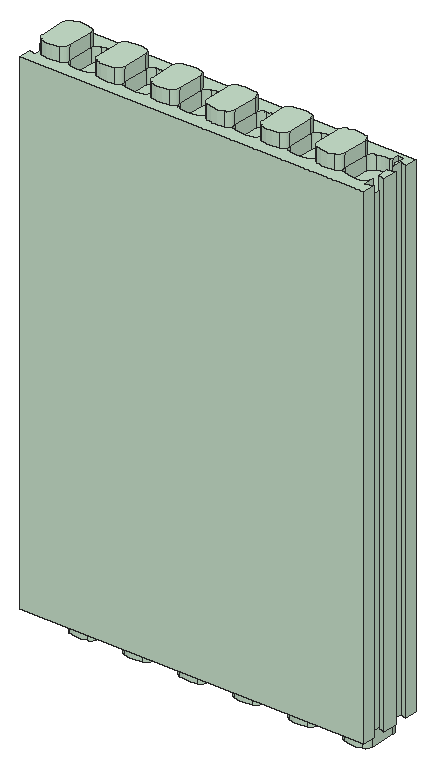
Revit family
Reference planes
  plane 1 "Center (Front/Back)": y = 0
  plane 2: z = 0
  plane 3 "Center (Left/Right)": x = 0
Forms (mm)
  Extrusion 1, solid, material "NUDURA Expanded Polystyrene Foam Insulation"
    sketch origin (0.098, 0, 0) x (1, 0, 0) y (0, 1, 0)
      loop
        line (-76.2, 0) -> (241.3, 0) -> (241.3, 11.396) -> (234.95, 9.695) -> (234.95, 25.112) -> (241.3, 23.529) -> (241.3, 36.796) -> (234.95, 35.095) -> (234.95, 50.512) -> (241.3, 48.929) -> (241.3, 60.325) -> (-76.2, 60.325) -> (-76.2, 48.929) -> (-69.85, 50.63) -> (-69.85, 35.213) -> (-76.2, 36.796) -> (-76.2, 23.529) -> (-69.85, 25.23) -> (-69.85, 9.813) -> (-76.2, 11.396) -> (-76.2, 0)
    from 0 to 457.2
  Extrusion 2, void
    sketch origin (-0.299, 0, 0) x (1, 0, 0) y (0, 1, 0)
      loop
        arc (75.825, 50.506) -> (75.283, 49.316) -> (74.029, 48.946) r 1.575
        arc (74.029, 48.946) -> (67.927, 49.113) -> (61.943, 47.903) r 26.987
        arc (61.943, 47.903) -> (58.762, 45.597) -> (57.547, 41.861) r 6.35
        line (57.547, 41.861) -> (57.547, 18.464)
        arc (57.547, 18.464) -> (58.762, 14.728) -> (61.943, 12.422) r 6.35
        arc (61.943, 12.422) -> (70.247, 11.112) -> (78.551, 12.422) r 26.987
        arc (78.551, 12.422) -> (81.732, 14.728) -> (82.947, 18.464) r 6.35
        line (82.947, 18.464) -> (82.947, 41.861)
        arc (82.947, 41.861) -> (82.6, 43.93) -> (81.599, 45.773) r 6.35
        arc (81.599, 45.773) -> (81.35, 46.23) -> (81.265, 46.743) r 1.575
        line (81.265, 46.743) -> (81.265, 56.142) -> (75.825, 56.142) -> (75.825, 50.506)
    from 457.2 to 444.5
  Extrusion 3, void
    sketch origin (50.501, 0, 0) x (1, 0, 0) y (0, 1, 0)
      loop
        arc (75.825, 50.506) -> (75.283, 49.316) -> (74.029, 48.946) r 1.575
        arc (74.029, 48.946) -> (67.927, 49.113) -> (61.943, 47.903) r 26.987
        arc (61.943, 47.903) -> (58.762, 45.597) -> (57.547, 41.861) r 6.35
        line (57.547, 41.861) -> (57.547, 18.464)
        arc (57.547, 18.464) -> (58.762, 14.728) -> (61.943, 12.422) r 6.35
        arc (61.943, 12.422) -> (70.247, 11.112) -> (78.551, 12.422) r 26.987
        arc (78.551, 12.422) -> (81.732, 14.728) -> (82.947, 18.464) r 6.35
        line (82.947, 18.464) -> (82.947, 41.861)
        arc (82.947, 41.861) -> (82.6, 43.93) -> (81.599, 45.773) r 6.35
        arc (81.599, 45.773) -> (81.35, 46.23) -> (81.265, 46.743) r 1.575
        line (81.265, 46.743) -> (81.265, 56.142) -> (75.825, 56.142) -> (75.825, 50.506)
    from 457.2 to 444.5
  Extrusion 4, void
    sketch origin (-51.099, 0, 0) x (1, 0, 0) y (0, 1, 0)
      loop
        arc (75.825, 50.506) -> (75.283, 49.316) -> (74.029, 48.946) r 1.575
        arc (74.029, 48.946) -> (67.927, 49.113) -> (61.943, 47.903) r 26.987
        arc (61.943, 47.903) -> (58.762, 45.597) -> (57.547, 41.861) r 6.35
        line (57.547, 41.861) -> (57.547, 18.464)
        arc (57.547, 18.464) -> (58.762, 14.728) -> (61.943, 12.422) r 6.35
        arc (61.943, 12.422) -> (70.247, 11.112) -> (78.551, 12.422) r 26.987
        arc (78.551, 12.422) -> (81.732, 14.728) -> (82.947, 18.464) r 6.35
        line (82.947, 18.464) -> (82.947, 41.861)
        arc (82.947, 41.861) -> (82.6, 43.93) -> (81.599, 45.773) r 6.35
        arc (81.599, 45.773) -> (81.35, 46.23) -> (81.265, 46.743) r 1.575
        line (81.265, 46.743) -> (81.265, 56.142) -> (75.825, 56.142) -> (75.825, 50.506)
    from 457.2 to 444.5
  Extrusion 5, void
    sketch origin (0.098, 0, 0) x (1, 0, 0) y (0, 1, 0)
      loop
        line (140.472, 50.506) -> (140.472, 56.142) -> (135.032, 56.142) -> (135.032, 46.743)
        arc (135.032, 46.743) -> (134.946, 46.23) -> (134.698, 45.773) r 1.575
        arc (134.698, 45.773) -> (133.696, 43.93) -> (133.35, 41.861) r 6.35
        line (133.35, 41.861) -> (133.35, 18.464)
        arc (133.35, 18.464) -> (134.565, 14.728) -> (137.746, 12.422) r 6.35
        arc (137.746, 12.422) -> (146.05, 11.112) -> (154.354, 12.422) r 26.987
        arc (154.354, 12.422) -> (157.535, 14.728) -> (158.75, 18.464) r 6.35
        line (158.75, 18.464) -> (158.75, 41.861)
        arc (158.75, 41.861) -> (157.535, 45.597) -> (154.354, 47.903) r 6.35
        arc (154.354, 47.903) -> (148.37, 49.113) -> (142.268, 48.946) r 26.987
        arc (142.268, 48.946) -> (141.014, 49.316) -> (140.472, 50.506) r 1.575
      loop
        line (89.672, 50.506) -> (89.672, 56.142) -> (84.232, 56.142) -> (84.232, 46.743)
        arc (84.232, 46.743) -> (84.146, 46.23) -> (83.898, 45.773) r 1.575
        arc (83.898, 45.773) -> (82.896, 43.93) -> (82.55, 41.861) r 6.35
        line (82.55, 41.861) -> (82.55, 18.464)
        arc (82.55, 18.464) -> (83.765, 14.728) -> (86.946, 12.422) r 6.35
        arc (86.946, 12.422) -> (95.25, 11.112) -> (103.554, 12.422) r 26.987
        arc (103.554, 12.422) -> (106.735, 14.728) -> (107.95, 18.464) r 6.35
        line (107.95, 18.464) -> (107.95, 41.861)
        arc (107.95, 41.861) -> (106.735, 45.597) -> (103.554, 47.903) r 6.35
        arc (103.554, 47.903) -> (97.57, 49.113) -> (91.468, 48.946) r 26.987
        arc (91.468, 48.946) -> (90.214, 49.316) -> (89.672, 50.506) r 1.575
      loop
        line (38.872, 50.506) -> (38.872, 56.142) -> (33.432, 56.142) -> (33.432, 46.743)
        arc (33.432, 46.743) -> (33.346, 46.23) -> (33.098, 45.773) r 1.575
        arc (33.098, 45.773) -> (32.096, 43.93) -> (31.75, 41.861) r 6.35
        line (31.75, 41.861) -> (31.75, 18.464)
        arc (31.75, 18.464) -> (32.965, 14.728) -> (36.146, 12.422) r 6.35
        arc (36.146, 12.422) -> (44.45, 11.112) -> (52.754, 12.422) r 26.987
        arc (52.754, 12.422) -> (55.935, 14.728) -> (57.15, 18.464) r 6.35
        line (57.15, 18.464) -> (57.15, 41.861)
        arc (57.15, 41.861) -> (55.935, 45.597) -> (52.754, 47.903) r 6.35
        arc (52.754, 47.903) -> (46.77, 49.113) -> (40.668, 48.946) r 26.987
        arc (40.668, 48.946) -> (39.414, 49.316) -> (38.872, 50.506) r 1.575
      loop
        line (-11.928, 50.506) -> (-11.928, 56.142) -> (-17.368, 56.142) -> (-17.368, 46.743)
        arc (-17.368, 46.743) -> (-17.454, 46.23) -> (-17.702, 45.773) r 1.575
        arc (-17.702, 45.773) -> (-18.704, 43.93) -> (-19.05, 41.861) r 6.35
        line (-19.05, 41.861) -> (-19.05, 18.464)
        arc (-19.05, 18.464) -> (-17.835, 14.728) -> (-14.654, 12.422) r 6.35
        arc (-14.654, 12.422) -> (-6.35, 11.112) -> (1.954, 12.422) r 26.987
        arc (1.954, 12.422) -> (5.135, 14.728) -> (6.35, 18.464) r 6.35
        line (6.35, 18.464) -> (6.35, 41.861)
        arc (6.35, 41.861) -> (5.135, 45.597) -> (1.954, 47.903) r 6.35
        arc (1.954, 47.903) -> (-4.03, 49.113) -> (-10.132, 48.946) r 26.987
        arc (-10.132, 48.946) -> (-11.386, 49.316) -> (-11.928, 50.506) r 1.575
      loop
        line (191.272, 50.506) -> (191.272, 56.142) -> (185.832, 56.142) -> (185.832, 46.743)
        arc (185.832, 46.743) -> (185.746, 46.23) -> (185.498, 45.773) r 1.575
        arc (185.498, 45.773) -> (184.496, 43.93) -> (184.15, 41.861) r 6.35
        line (184.15, 41.861) -> (184.15, 18.464)
        arc (184.15, 18.464) -> (185.365, 14.728) -> (188.546, 12.422) r 6.35
        arc (188.546, 12.422) -> (196.85, 11.112) -> (205.154, 12.422) r 26.987
        arc (205.154, 12.422) -> (208.335, 14.728) -> (209.55, 18.464) r 6.35
        line (209.55, 18.464) -> (209.55, 41.861)
        arc (209.55, 41.861) -> (208.335, 45.597) -> (205.154, 47.903) r 6.35
        arc (205.154, 47.903) -> (199.17, 49.113) -> (193.068, 48.946) r 26.987
        arc (193.068, 48.946) -> (191.814, 49.316) -> (191.272, 50.506) r 1.575
      loop
        line (-62.728, 50.506) -> (-62.728, 56.142) -> (-68.168, 56.142) -> (-68.168, 46.743)
        arc (-68.168, 46.743) -> (-68.254, 46.23) -> (-68.502, 45.773) r 1.575
        arc (-68.502, 45.773) -> (-69.504, 43.93) -> (-69.85, 41.861) r 6.35
        line (-69.85, 41.861) -> (-69.85, 18.464)
        arc (-69.85, 18.464) -> (-68.635, 14.728) -> (-65.454, 12.422) r 6.35
        arc (-65.454, 12.422) -> (-57.15, 11.112) -> (-48.846, 12.422) r 26.987
        arc (-48.846, 12.422) -> (-45.665, 14.728) -> (-44.45, 18.464) r 6.35
        line (-44.45, 18.464) -> (-44.45, 41.861)
        arc (-44.45, 41.861) -> (-45.665, 45.597) -> (-48.846, 47.903) r 6.35
        arc (-48.846, 47.903) -> (-54.83, 49.113) -> (-60.932, 48.946) r 26.987
        arc (-60.932, 48.946) -> (-62.186, 49.316) -> (-62.728, 50.506) r 1.575
    from 0 to 12.7
  Extrusion 6, void
    sketch origin (101.301, 0, 0) x (1, 0, 0) y (0, 1, 0)
      loop
        arc (75.825, 50.506) -> (75.283, 49.316) -> (74.029, 48.946) r 1.575
        arc (74.029, 48.946) -> (67.927, 49.113) -> (61.943, 47.903) r 26.987
        arc (61.943, 47.903) -> (58.762, 45.597) -> (57.547, 41.861) r 6.35
        line (57.547, 41.861) -> (57.547, 18.464)
        arc (57.547, 18.464) -> (58.762, 14.728) -> (61.943, 12.422) r 6.35
        arc (61.943, 12.422) -> (70.247, 11.112) -> (78.551, 12.422) r 26.987
        arc (78.551, 12.422) -> (81.732, 14.728) -> (82.947, 18.464) r 6.35
        line (82.947, 18.464) -> (82.947, 41.861)
        arc (82.947, 41.861) -> (82.6, 43.93) -> (81.599, 45.773) r 6.35
        arc (81.599, 45.773) -> (81.35, 46.23) -> (81.265, 46.743) r 1.575
        line (81.265, 46.743) -> (81.265, 56.142) -> (75.825, 56.142) -> (75.825, 50.506)
    from 457.2 to 444.5
  Extrusion 7, void
    sketch origin (-101.899, 0, 0) x (1, 0, 0) y (0, 1, 0)
      loop
        arc (75.825, 50.506) -> (75.283, 49.316) -> (74.029, 48.946) r 1.575
        arc (74.029, 48.946) -> (67.927, 49.113) -> (61.943, 47.903) r 26.987
        arc (61.943, 47.903) -> (58.762, 45.597) -> (57.547, 41.861) r 6.35
        line (57.547, 41.861) -> (57.547, 18.464)
        arc (57.547, 18.464) -> (58.762, 14.728) -> (61.943, 12.422) r 6.35
        arc (61.943, 12.422) -> (70.247, 11.112) -> (78.551, 12.422) r 26.987
        arc (78.551, 12.422) -> (81.732, 14.728) -> (82.947, 18.464) r 6.35
        line (82.947, 18.464) -> (82.947, 41.861)
        arc (82.947, 41.861) -> (82.6, 43.93) -> (81.599, 45.773) r 6.35
        arc (81.599, 45.773) -> (81.35, 46.23) -> (81.265, 46.743) r 1.575
        line (81.265, 46.743) -> (81.265, 56.142) -> (75.825, 56.142) -> (75.825, 50.506)
    from 457.2 to 444.5
  Extrusion 8, void
    sketch origin (152.101, 0, 0) x (1, 0, 0) y (0, 1, 0)
      loop
        arc (75.825, 50.506) -> (75.283, 49.316) -> (74.029, 48.946) r 1.575
        arc (74.029, 48.946) -> (67.927, 49.113) -> (61.943, 47.903) r 26.987
        arc (61.943, 47.903) -> (58.762, 45.597) -> (57.547, 41.861) r 6.35
        line (57.547, 41.861) -> (57.547, 18.464)
        arc (57.547, 18.464) -> (58.762, 14.728) -> (61.943, 12.422) r 6.35
        arc (61.943, 12.422) -> (70.247, 11.112) -> (78.551, 12.422) r 26.987
        arc (78.551, 12.422) -> (81.732, 14.728) -> (82.947, 18.464) r 6.35
        line (82.947, 18.464) -> (82.947, 41.861)
        arc (82.947, 41.861) -> (82.6, 43.93) -> (81.599, 45.773) r 6.35
        arc (81.599, 45.773) -> (81.35, 46.23) -> (81.265, 46.743) r 1.575
        line (81.265, 46.743) -> (81.265, 56.142) -> (75.825, 56.142) -> (75.825, 50.506)
    from 457.2 to 444.5
Cuts and joins
  Extrusion 2, Extrusion 3, Extrusion 4, Extrusion 5, Extrusion 6, Extrusion 7, Extrusion 8 cuts Extrusion 1
Lines and regions (mm)
  model lines
    curve 1: line (-18.952, 0, 0) -> (-18.952, 0, 457.2)
Dimensions and locks
  aligned and locked: level to plane 2
Nested families
  nested 1: "Capture Lugs" at (82.648, 142.875, 0), type "Capture Lugs"
  nested 2: "Interlock Tooth" at (31.848, 142.875, 0), type "Interlock Tooth"
  nested 3: "Interlock Tooth" at (82.648, 142.875, 0), type "Interlock Tooth"
  nested 4: "Interlock Tooth" at (133.448, 142.875, 0), type "Interlock Tooth"
  nested 5: "Interlock Tooth" at (108.048, 142.875, -469.9), type "Interlock Tooth"
  nested 6: "Interlock Tooth" at (57.248, 142.875, -469.9), type "Interlock Tooth"
  nested 7: "Interlock Tooth" at (6.448, 142.875, -469.9), type "Interlock Tooth"
  nested 8: "Interlock Tooth" at (158.848, 142.875, -469.9), type "Interlock Tooth"
  nested 9: "Interlock Tooth" at (-18.952, 142.875, 0), type "Interlock Tooth"
  nested 10: "Interlock Tooth" at (-44.352, 142.875, -469.9), type "Interlock Tooth"
  nested 11: "Interlock Tooth" at (184.248, 142.875, 0), type "Interlock Tooth"
  nested 12: "Interlock Tooth" at (-69.752, 142.875, 0), type "Interlock Tooth"
  nested 13: "Interlock Tooth" at (209.648, 142.875, -469.9), type "Interlock Tooth"
  nested 14: "NUDURA Logo Diamond" at (-222.087, 0, 0), type "NUDURA Logo Diamond"
Definition of nested family "Capture Lugs"
  Reference planes
    plane 1 "Center (Front/Back)": y = 0
    plane 2: z = 0
    plane 3 "Center (Left/Right)": x = 0
  Forms (mm)
    Extrusion 1, solid, material "High Density Polystyrene"
      sketch origin (0, 0, 0) x (0, 1, 0) y (0, 0, 1)
        loop
          arc (-82.55, 0) -> (-81.817, 0.502) -> (-81.534, 1.344) r 1.397
          line (-81.534, 1.344) -> (-81.534, 449.4)
          arc (-81.534, 449.4) -> (-81.817, 450.243) -> (-82.55, 450.744) r 1.397
          line (-82.55, 450.744) -> (-82.55, 0)
      from 9.227 to -9.227
    Extrusion 2, solid, material "High Density Polystyrene"
      sketch origin (0, 0, 0) x (0, 1, 0) y (0, 0, 1)
        loop
          line (-81.534, 410.919) -> (-81.534, 380.439) -> (-68.834, 380.439) -> (-68.834, 410.919) -> (-81.534, 410.919)
        loop
          line (-81.534, 361.389) -> (-81.534, 330.909) -> (-68.834, 330.909) -> (-68.834, 361.389) -> (-81.534, 361.389)
        loop
          line (-81.534, 311.859) -> (-81.534, 281.379) -> (-68.834, 281.379) -> (-68.834, 311.859) -> (-81.534, 311.859)
        loop
          line (-81.534, 262.329) -> (-81.534, 234.897) -> (-68.834, 234.897) -> (-68.834, 262.329) -> (-81.534, 262.329)
        loop
          line (-81.534, 215.847) -> (-81.534, 188.415) -> (-68.834, 188.415) -> (-68.834, 215.847) -> (-81.534, 215.847)
        loop
          line (-81.534, 169.365) -> (-81.534, 138.885) -> (-68.834, 138.885) -> (-68.834, 169.365) -> (-81.534, 169.365)
        loop
          line (-81.534, 119.835) -> (-81.534, 89.355) -> (-68.834, 89.355) -> (-68.834, 119.835) -> (-81.534, 119.835)
        loop
          line (-81.534, 70.305) -> (-81.534, 39.825) -> (-68.834, 39.825) -> (-68.834, 70.305) -> (-81.534, 70.305)
      from 6.35 to -6.35
    Extrusion 3, void
      sketch origin (0, 0, 0) x (1, 0, 0) y (0, 1, 0)
        loop
          arc (-6.35, -70.929) -> (-5.736, -69.448) -> (-4.255, -68.834) r 2.095
          line (-4.255, -68.834) -> (-6.35, -68.834) -> (-6.35, -70.929)
      from 0 to 457.2
    Extrusion 4, void
      sketch origin (0, 0, 0) x (-1, 0, 0) y (0, -1, 0)
        loop
          line (-6.35, 70.929) -> (-6.35, 68.834) -> (-4.255, 68.834)
          arc (-4.255, 68.834) -> (-5.736, 69.448) -> (-6.35, 70.929) r 2.095
      from 0 to 457.2
    Extrusion 5, void
      sketch origin (0, 0, 0) x (1, 0, 0) y (0, 1, 0)
        loop
          arc (-1.191, -72.009) -> (0, -78.127) -> (1.191, -72.009) r 3.175
          line (1.191, -72.009) -> (1.191, -68.834) -> (-1.191, -68.834) -> (-1.191, -72.009)
      from 0 to 457.2
  Cuts and joins
    Extrusion 3, Extrusion 4 cuts Extrusion 1
    Extrusion 3, Extrusion 4, Extrusion 5 cuts Extrusion 2
Definition of nested family "Interlock Tooth"
  Reference planes
    plane 1 "Center (Front/Back)": y = 0
    plane 2: z = 0
    plane 3 "Center (Left/Right)": x = 0
    plane 4: z = 457.2
    plane 5: z = 469.9
    plane 6: z = -12.7
  Forms (mm)
    Extrusion 1, solid, material "NUDURA Expanded Polystyrene Foam Insulation"
      sketch origin (0, -225.425, 0) x (1, 0, 0) y (0, 1, 0)
        loop
          arc (0, 101.014) -> (1.215, 97.278) -> (4.396, 94.972) r 6.35
          arc (4.396, 94.972) -> (12.7, 93.663) -> (21.004, 94.972) r 26.988
          arc (21.004, 94.972) -> (24.185, 97.278) -> (25.4, 101.014) r 6.35
          line (25.4, 101.014) -> (25.4, 124.411)
          arc (25.4, 124.411) -> (24.185, 128.147) -> (21.004, 130.453) r 6.35
          arc (21.004, 130.453) -> (12.7, 131.763) -> (4.396, 130.453) r 26.987
          arc (4.396, 130.453) -> (1.215, 128.147) -> (0, 124.411) r 6.35
          line (0, 124.411) -> (0, 101.014)
      from 457.2 to 469.9
  Dimensions and locks
    locked: plane 4 to level at 457.2
    locked: plane 4 to plane 5 at 12.7
    locked: plane 6 to level at 12.7
Definition of nested family "NUDURA Logo Diamond"
  Reference planes
    plane 1 "Center (Front/Back)": y = 0
    plane 2: z = 0
    plane 3 "Center (Left/Right)": x = 0
  Lines and regions (mm)
    model lines
      curve 1: line (320.001, 0, 444.526) -> (311.021, 0, 453.507)
      curve 2: line (313.973, 0, 425.925) -> (320.001, 0, 431.954)
      curve 3: line (320.001, 0, 406.426) -> (313.973, 0, 412.455)
      curve 4: line (313.973, 0, 387.825) -> (320.001, 0, 393.854)
      curve 5: line (320.001, 0, 368.326) -> (313.973, 0, 374.355)
      curve 6: line (313.973, 0, 349.725) -> (320.001, 0, 355.754)
      curve 7: line (309.225, 0, 337.411) -> (322.887, 0, 323.749)
      curve 8: line (322.887, 0, 323.749) -> (324.683, 0, 325.545)
      curve 9: line (286.583, 0, 323.749) -> (300.245, 0, 337.411)
      curve 10: line (295.497, 0, 336.255) -> (284.787, 0, 325.545)
      curve 11: line (289.468, 0, 355.754) -> (295.497, 0, 349.725)
      curve 12: line (295.497, 0, 374.355) -> (289.468, 0, 368.326)
      curve 13: line (289.468, 0, 393.854) -> (295.497, 0, 387.825)
      curve 14: line (295.497, 0, 412.455) -> (289.468, 0, 406.426)
      curve 15: line (289.468, 0, 431.954) -> (295.497, 0, 425.925)
      curve 16: line (298.449, 0, 453.507) -> (289.468, 0, 444.526)
      curve 17: line (300.245, 0, 451.711) -> (291.265, 0, 442.73)
      curve 18: line (318.205, 0, 442.73) -> (309.225, 0, 451.711)
      curve 19: line (309.225, 0, 424.77) -> (318.205, 0, 433.75)
      curve 20: line (291.265, 0, 433.75) -> (300.245, 0, 424.77)
      curve 21: arc (289.468, 0, 444.526) -> (286.865, 0, 438.24) -> (289.468, 0, 431.954) r 8.89
      curve 22: arc (298.449, 0, 453.507) -> (304.735, 0, 456.111) -> (311.021, 0, 453.507) r 8.89
      curve 23: arc (291.265, 0, 442.73) -> (289.405, 0, 438.24) -> (291.265, 0, 433.75) r 6.35
      curve 24: arc (318.205, 0, 442.73) -> (320.065, 0, 438.24) -> (318.205, 0, 433.75) r 6.35
      curve 25: arc (309.225, 0, 424.77) -> (304.735, 0, 422.91) -> (300.245, 0, 424.77) r 6.35
      curve 26: arc (300.245, 0, 451.711) -> (304.735, 0, 453.571) -> (309.225, 0, 451.711) r 6.35
      curve 27: arc (320.001, 0, 444.526) -> (322.605, 0, 438.24) -> (320.001, 0, 431.954) r 8.89
      curve 28: arc (295.497, 0, 425.925) -> (298.287, 0, 419.19) -> (295.497, 0, 412.455) r 9.525
      curve 29: arc (313.973, 0, 425.925) -> (311.183, 0, 419.19) -> (313.973, 0, 412.455) r 9.525
      curve 30: line (313.973, 0, 387.825) -> (320.001, 0, 393.854)
      curve 31: line (289.468, 0, 393.854) -> (295.497, 0, 387.825)
      curve 32: line (300.245, 0, 413.611) -> (291.265, 0, 404.63)
      curve 33: line (318.205, 0, 404.63) -> (309.225, 0, 413.611)
      curve 34: line (309.225, 0, 386.67) -> (318.205, 0, 395.65)
      curve 35: line (291.265, 0, 395.65) -> (300.245, 0, 386.67)
      curve 36: arc (289.468, 0, 406.426) -> (286.865, 0, 400.14) -> (289.468, 0, 393.854) r 8.89
      curve 37: arc (291.265, 0, 404.63) -> (289.405, 0, 400.14) -> (291.265, 0, 395.65) r 6.35
      curve 38: arc (318.205, 0, 404.63) -> (320.065, 0, 400.14) -> (318.205, 0, 395.65) r 6.35
      curve 39: arc (309.225, 0, 386.67) -> (304.735, 0, 384.81) -> (300.245, 0, 386.67) r 6.35
      curve 40: arc (300.245, 0, 413.611) -> (304.735, 0, 415.471) -> (309.225, 0, 413.611) r 6.35
      curve 41: arc (320.001, 0, 406.426) -> (322.605, 0, 400.14) -> (320.001, 0, 393.854) r 8.89
      curve 42: line (295.497, 0, 412.455) -> (289.468, 0, 406.426)
      curve 43: line (320.001, 0, 406.426) -> (313.973, 0, 412.455)
      curve 44: arc (295.497, 0, 387.825) -> (298.287, 0, 381.09) -> (295.497, 0, 374.355) r 9.525
      curve 45: arc (313.973, 0, 387.825) -> (311.183, 0, 381.09) -> (313.973, 0, 374.355) r 9.525
      curve 46: line (313.973, 0, 349.725) -> (320.001, 0, 355.754)
      curve 47: line (289.468, 0, 355.754) -> (295.497, 0, 349.725)
      curve 48: line (300.245, 0, 375.511) -> (291.265, 0, 366.53)
      curve 49: line (318.205, 0, 366.53) -> (309.225, 0, 375.511)
      curve 50: line (309.225, 0, 348.57) -> (318.205, 0, 357.55)
      curve 51: line (291.265, 0, 357.55) -> (300.245, 0, 348.57)
      curve 52: arc (289.468, 0, 368.326) -> (286.865, 0, 362.04) -> (289.468, 0, 355.754) r 8.89
      curve 53: arc (291.265, 0, 366.53) -> (289.405, 0, 362.04) -> (291.265, 0, 357.55) r 6.35
      curve 54: arc (318.205, 0, 366.53) -> (320.065, 0, 362.04) -> (318.205, 0, 357.55) r 6.35
      curve 55: arc (309.225, 0, 348.57) -> (304.735, 0, 346.71) -> (300.245, 0, 348.57) r 6.35
      curve 56: arc (300.245, 0, 375.511) -> (304.735, 0, 377.371) -> (309.225, 0, 375.511) r 6.35
      curve 57: arc (320.001, 0, 368.326) -> (322.605, 0, 362.04) -> (320.001, 0, 355.754) r 8.89
      curve 58: line (295.497, 0, 374.355) -> (289.468, 0, 368.326)
      curve 59: arc (295.497, 0, 349.725) -> (298.287, 0, 342.99) -> (295.497, 0, 336.255) r 9.525
      curve 60: arc (313.973, 0, 349.725) -> (311.183, 0, 342.99) -> (313.973, 0, 336.255) r 9.525
      curve 61: line (324.683, 0, 325.545) -> (313.973, 0, 336.255)
      curve 62: line (284.787, 0, 325.545) -> (286.583, 0, 323.749)
      curve 63: arc (300.245, 0, 337.411) -> (304.735, 0, 339.271) -> (309.225, 0, 337.411) r 6.35
      curve 64: line (320.001, 0, 12.854) -> (311.021, 0, 3.874)
      curve 65: line (313.973, 0, 31.455) -> (320.001, 0, 25.426)
      curve 66: line (320.001, 0, 50.954) -> (313.973, 0, 44.925)
      curve 67: line (313.973, 0, 69.555) -> (320.001, 0, 63.526)
      curve 68: line (320.001, 0, 89.054) -> (313.973, 0, 83.025)
      curve 69: line (313.973, 0, 107.655) -> (320.001, 0, 101.626)
      curve 70: line (309.225, 0, 119.97) -> (322.887, 0, 133.632)
      curve 71: line (322.887, 0, 133.632) -> (324.683, 0, 131.836)
      curve 72: line (286.583, 0, 133.632) -> (300.245, 0, 119.97)
      curve 73: line (295.497, 0, 121.125) -> (284.787, 0, 131.836)
      curve 74: line (289.468, 0, 101.626) -> (295.497, 0, 107.655)
      curve 75: line (295.497, 0, 83.025) -> (289.468, 0, 89.054)
      curve 76: line (289.468, 0, 63.526) -> (295.497, 0, 69.555)
      curve 77: line (295.497, 0, 44.925) -> (289.468, 0, 50.954)
      curve 78: line (289.468, 0, 25.426) -> (295.497, 0, 31.455)
      curve 79: line (298.449, 0, 3.874) -> (289.468, 0, 12.854)
      curve 80: line (300.245, 0, 5.67) -> (291.265, 0, 14.65)
      curve 81: line (318.205, 0, 14.65) -> (309.225, 0, 5.67)
      curve 82: line (309.225, 0, 32.611) -> (318.205, 0, 23.63)
      curve 83: line (291.265, 0, 23.63) -> (300.245, 0, 32.611)
      curve 84: arc (289.468, 0, 12.854) -> (286.865, 0, 19.14) -> (289.468, 0, 25.426) r 8.89
      curve 85: arc (298.449, 0, 3.874) -> (304.735, 0, 1.27) -> (311.021, 0, 3.874) r 8.89
      curve 86: arc (291.265, 0, 14.65) -> (289.405, 0, 19.14) -> (291.265, 0, 23.63) r 6.35
      curve 87: arc (318.205, 0, 14.65) -> (320.065, 0, 19.14) -> (318.205, 0, 23.63) r 6.35
      curve 88: arc (309.225, 0, 32.611) -> (304.735, 0, 34.471) -> (300.245, 0, 32.611) r 6.35
      curve 89: arc (300.245, 0, 5.67) -> (304.735, 0, 3.81) -> (309.225, 0, 5.67) r 6.35
      curve 90: arc (320.001, 0, 12.854) -> (322.605, 0, 19.14) -> (320.001, 0, 25.426) r 8.89
      curve 91: arc (295.497, 0, 31.455) -> (298.287, 0, 38.19) -> (295.497, 0, 44.925) r 9.525
      curve 92: arc (313.973, 0, 31.455) -> (311.183, 0, 38.19) -> (313.973, 0, 44.925) r 9.525
      curve 93: line (313.973, 0, 69.555) -> (320.001, 0, 63.526)
      curve 94: line (289.468, 0, 63.526) -> (295.497, 0, 69.555)
      curve 95: line (300.245, 0, 43.77) -> (291.265, 0, 52.75)
      curve 96: line (318.205, 0, 52.75) -> (309.225, 0, 43.77)
      curve 97: line (309.225, 0, 70.711) -> (318.205, 0, 61.73)
      curve 98: line (291.265, 0, 61.73) -> (300.245, 0, 70.711)
      curve 99: arc (289.468, 0, 50.954) -> (286.865, 0, 57.24) -> (289.468, 0, 63.526) r 8.89
      curve 100: arc (291.265, 0, 52.75) -> (289.405, 0, 57.24) -> (291.265, 0, 61.73) r 6.35
      curve 101: arc (318.205, 0, 52.75) -> (320.065, 0, 57.24) -> (318.205, 0, 61.73) r 6.35
      curve 102: arc (309.225, 0, 70.711) -> (304.735, 0, 72.571) -> (300.245, 0, 70.711) r 6.35
      curve 103: arc (300.245, 0, 43.77) -> (304.735, 0, 41.91) -> (309.225, 0, 43.77) r 6.35
      curve 104: arc (320.001, 0, 50.954) -> (322.605, 0, 57.24) -> (320.001, 0, 63.526) r 8.89
      curve 105: line (295.497, 0, 44.925) -> (289.468, 0, 50.954)
      curve 106: line (320.001, 0, 50.954) -> (313.973, 0, 44.925)
      curve 107: arc (295.497, 0, 69.555) -> (298.287, 0, 76.29) -> (295.497, 0, 83.025) r 9.525
      curve 108: arc (313.973, 0, 69.555) -> (311.183, 0, 76.29) -> (313.973, 0, 83.025) r 9.525
      curve 109: line (313.973, 0, 107.655) -> (320.001, 0, 101.626)
      curve 110: line (289.468, 0, 101.626) -> (295.497, 0, 107.655)
      curve 111: line (300.245, 0, 81.87) -> (291.265, 0, 90.85)
      curve 112: line (318.205, 0, 90.85) -> (309.225, 0, 81.87)
      curve 113: line (309.225, 0, 108.811) -> (318.205, 0, 99.83)
      curve 114: line (291.265, 0, 99.83) -> (300.245, 0, 108.811)
      curve 115: arc (289.468, 0, 89.054) -> (286.865, 0, 95.34) -> (289.468, 0, 101.626) r 8.89
      curve 116: arc (291.265, 0, 90.85) -> (289.405, 0, 95.34) -> (291.265, 0, 99.83) r 6.35
      curve 117: arc (318.205, 0, 90.85) -> (320.065, 0, 95.34) -> (318.205, 0, 99.83) r 6.35
      curve 118: arc (309.225, 0, 108.811) -> (304.735, 0, 110.671) -> (300.245, 0, 108.811) r 6.35
      curve 119: arc (300.245, 0, 81.87) -> (304.735, 0, 80.01) -> (309.225, 0, 81.87) r 6.35
      curve 120: arc (320.001, 0, 89.054) -> (322.605, 0, 95.34) -> (320.001, 0, 101.626) r 8.89
      curve 121: line (295.497, 0, 83.025) -> (289.468, 0, 89.054)
      curve 122: arc (295.497, 0, 107.655) -> (298.287, 0, 114.39) -> (295.497, 0, 121.125) r 9.525
      curve 123: arc (313.973, 0, 107.655) -> (311.183, 0, 114.39) -> (313.973, 0, 121.125) r 9.525
      curve 124: line (324.683, 0, 131.836) -> (313.973, 0, 121.125)
      curve 125: line (284.787, 0, 131.836) -> (286.583, 0, 133.632)
      curve 126: arc (300.245, 0, 119.97) -> (304.735, 0, 118.11) -> (309.225, 0, 119.97) r 6.35
      curve 127: line (314.26, 0, 317.59) -> (295.21, 0, 317.59)
      curve 128: line (323.785, 0, 149.315) -> (323.785, 0, 308.065)
      curve 129: line (285.685, 0, 308.065) -> (285.685, 0, 149.315)
      curve 130: line (295.21, 0, 139.79) -> (314.26, 0, 139.79)
      curve 131: line (316.797, 0, 304.89) -> (305.798, 0, 311.24)
      curve 132: line (316.797, 0, 292.19) -> (316.797, 0, 304.89)
      curve 133: line (311.298, 0, 289.015) -> (316.797, 0, 292.19)
      curve 134: line (305.373, 0, 292.436) -> (311.298, 0, 289.015)
      curve 135: line (310.447, 0, 295.365) -> (305.373, 0, 292.436)
      curve 136: line (299.874, 0, 307.82) -> (310.447, 0, 301.715)
      curve 137: line (310.447, 0, 301.715) -> (310.447, 0, 295.365)
      curve 138: line (305.798, 0, 311.24) -> (299.874, 0, 307.82)
      curve 139: line (299.023, 0, 295.611) -> (304.097, 0, 298.54)
      curve 140: line (304.097, 0, 298.54) -> (298.172, 0, 301.961)
      curve 141: line (298.172, 0, 301.961) -> (292.673, 0, 298.786)
      curve 142: line (292.673, 0, 298.786) -> (292.673, 0, 286.086)
      curve 143: line (299.023, 0, 289.261) -> (299.023, 0, 295.611)
      curve 144: line (309.596, 0, 283.156) -> (299.023, 0, 289.261)
      curve 145: line (303.671, 0, 279.736) -> (309.596, 0, 283.156)
      curve 146: line (292.673, 0, 286.086) -> (303.671, 0, 279.736)
      curve 147: line (312.702, 0, 269.344) -> (296.768, 0, 272.912)
      curve 148: line (296.768, 0, 272.912) -> (296.768, 0, 267.036)
      curve 149: line (296.768, 0, 267.036) -> (308.089, 0, 264.517)
      curve 150: line (308.089, 0, 264.517) -> (296.768, 0, 260.949)
      curve 151: line (296.768, 0, 260.949) -> (296.768, 0, 251.084)
      curve 152: line (296.768, 0, 251.084) -> (309.138, 0, 248.314)
      curve 153: line (309.138, 0, 248.314) -> (309.138, 0, 247.516)
      curve 154: line (309.138, 0, 247.516) -> (301.281, 0, 248.991)
      curve 155: line (296.768, 0, 245.246) -> (296.768, 0, 237.71)
      curve 156: line (306.598, 0, 222.094) -> (306.598, 0, 228.599)
      curve 157: line (306.598, 0, 228.599) -> (296.768, 0, 230.786)
      curve 158: line (296.768, 0, 230.786) -> (296.768, 0, 215.343)
      curve 159: line (302.723, 0, 230.274) -> (312.702, 0, 228.039)
      curve 160: line (300.341, 0, 217.291) -> (300.341, 0, 223.486)
      curve 161: line (300.341, 0, 223.486) -> (306.598, 0, 222.094)
      curve 162: line (296.768, 0, 205.027) -> (296.768, 0, 197.49)
      curve 163: line (302.723, 0, 190.055) -> (310.162, 0, 188.389)
      curve 164: line (310.162, 0, 188.389) -> (310.162, 0, 176.633)
      curve 165: line (308.892, 0, 175.363) -> (307.868, 0, 175.363)
      curve 166: line (306.598, 0, 176.633) -> (306.598, 0, 180.004)
      curve 167: line (306.598, 0, 180.004) -> (307.868, 0, 179.719)
      curve 168: line (307.868, 0, 179.719) -> (307.868, 0, 186.3)
      curve 169: line (307.868, 0, 186.3) -> (296.768, 0, 188.785)
      curve 170: line (296.768, 0, 188.785) -> (296.768, 0, 182.205)
      curve 171: line (296.768, 0, 182.205) -> (304.058, 0, 180.572)
      curve 172: line (304.058, 0, 180.572) -> (304.058, 0, 177.654)
      curve 173: line (302.788, 0, 176.384) -> (296.768, 0, 176.384)
      curve 174: line (296.768, 0, 176.384) -> (296.768, 0, 164.003)
      curve 175: line (296.768, 0, 164.003) -> (299.284, 0, 162.219)
      curve 176: line (299.284, 0, 162.219) -> (299.284, 0, 153.715)
      curve 177: line (307.942, 0, 156.079) -> (301.824, 0, 160.418)
      curve 178: line (301.824, 0, 160.418) -> (301.824, 0, 154.409)
      curve 179: line (301.824, 0, 154.409) -> (307.942, 0, 156.079)
      curve 180: line (299.284, 0, 153.715) -> (296.768, 0, 153.028)
      curve 181: line (296.768, 0, 153.028) -> (296.768, 0, 146.14)
      curve 182: line (296.768, 0, 146.14) -> (312.702, 0, 150.491)
      curve 183: line (312.702, 0, 150.491) -> (312.702, 0, 159.713)
      curve 184: line (312.702, 0, 159.713) -> (298.767, 0, 169.594)
      curve 185: line (298.767, 0, 169.594) -> (302.342, 0, 169.594)
      curve 186: line (312.702, 0, 172.383) -> (312.702, 0, 193.945)
      curve 187: line (312.702, 0, 193.945) -> (302.326, 0, 196.268)
      curve 188: line (300.341, 0, 198.747) -> (300.341, 0, 201.381)
      curve 189: line (301.888, 0, 202.62) -> (312.702, 0, 200.199)
      curve 190: line (312.702, 0, 200.199) -> (312.702, 0, 206.628)
      curve 191: line (312.702, 0, 206.628) -> (306.843, 0, 207.728)
      curve 192: line (312.702, 0, 212.942) -> (312.702, 0, 227.241)
      curve 193: line (312.702, 0, 227.241) -> (309.138, 0, 228.034)
      curve 194: line (309.138, 0, 228.034) -> (309.138, 0, 217.291)
      curve 195: line (312.702, 0, 228.039) -> (312.702, 0, 234.164)
      curve 196: line (312.702, 0, 234.164) -> (302.326, 0, 236.488)
      curve 197: line (300.341, 0, 238.966) -> (300.341, 0, 241.6)
      curve 198: line (301.736, 0, 242.874) -> (312.702, 0, 240.418)
      curve 199: line (312.702, 0, 240.418) -> (312.702, 0, 253.611)
      curve 200: line (312.702, 0, 253.611) -> (302.429, 0, 255.912)
      curve 201: line (302.429, 0, 255.912) -> (312.702, 0, 259.27)
      curve 202: line (312.702, 0, 259.27) -> (312.702, 0, 269.344)
      curve 203: arc (296.768, 0, 245.246) -> (298.145, 0, 248.178) -> (301.281, 0, 248.991) r 3.81
      curve 204: arc (296.768, 0, 237.71) -> (298.44, 0, 232.946) -> (302.723, 0, 230.274) r 7.62
      curve 205: arc (300.842, 0, 208.826) -> (297.87, 0, 211.5) -> (296.768, 0, 215.343) r 7.251
      curve 206: arc (296.768, 0, 205.027) -> (297.979, 0, 207.812) -> (300.842, 0, 208.826) r 3.808
      curve 207: arc (296.768, 0, 197.49) -> (298.44, 0, 192.727) -> (302.723, 0, 190.055) r 7.62
      curve 208: arc (300.341, 0, 198.747) -> (300.898, 0, 197.159) -> (302.326, 0, 196.268) r 2.54
      curve 209: arc (300.341, 0, 201.381) -> (300.817, 0, 202.372) -> (301.888, 0, 202.62) r 1.27
      curve 210: arc (307.868, 0, 175.363) -> (306.969, 0, 175.735) -> (306.598, 0, 176.633) r 1.27
      curve 211: arc (308.892, 0, 175.363) -> (309.79, 0, 175.735) -> (310.162, 0, 176.633) r 1.27
      curve 212: arc (304.058, 0, 177.654) -> (303.686, 0, 176.756) -> (302.788, 0, 176.384) r 1.27
      curve 213: arc (302.342, 0, 169.594) -> (303.976, 0, 170.198) -> (304.826, 0, 171.718) r 2.516
      curve 214: arc (304.826, 0, 171.718) -> (309.07, 0, 168.432) -> (312.702, 0, 172.383) r 3.966
      curve 215: arc (306.843, 0, 207.728) -> (310.942, 0, 209.02) -> (312.702, 0, 212.942) r 5.249
      curve 216: arc (300.341, 0, 217.291) -> (304.739, 0, 212.893) -> (309.138, 0, 217.291) r 4.398
      curve 217: arc (300.341, 0, 238.966) -> (300.898, 0, 237.378) -> (302.326, 0, 236.488) r 2.54
      curve 218: arc (300.341, 0, 241.6) -> (300.886, 0, 242.648) -> (302.057, 0, 242.802) r 1.279
      curve 219: arc (285.685, 0, 308.065) -> (288.475, 0, 314.8) -> (295.21, 0, 317.59) r 9.525
      curve 220: arc (314.26, 0, 317.59) -> (320.995, 0, 314.8) -> (323.785, 0, 308.065) r 9.525
      curve 221: arc (285.685, 0, 149.315) -> (288.475, 0, 142.58) -> (295.21, 0, 139.79) r 9.525
      curve 222: arc (314.26, 0, 139.79) -> (320.995, 0, 142.58) -> (323.785, 0, 149.315) r 9.525
      curve 223: line (253.935, 0, 457.2) -> (253.935, 0, 0)
      curve 224: line (355.535, 0, 457.2) -> (355.535, 0, 0)
      curve 225: line (406.335, 0, 457.2) -> (406.335, 0, 0)
